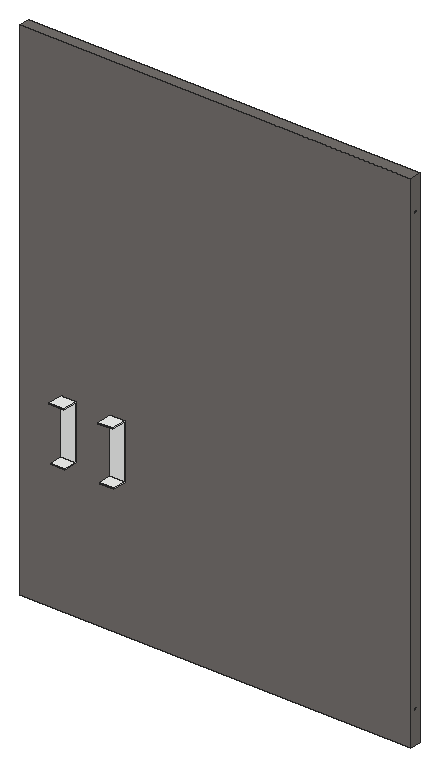
Revit family "Screens-Teknion-JNSESL_Solid_Elevated_Leg_Mounted-R2018", category Furniture, Revit 2018
Family settings
  OmniClass Number = 23.40.20.00
  OmniClass Title = General Furniture and Specialties
  Work Plane-Based = No
  Always vertical = Yes
  Cut with Voids When Loaded = No
  Shared = Yes
  Room Calculation Point = No
Parameters (values of type "Right Configuration")
  Note for Width Extension for Corner Application [instance] = "One Side Width Extension for Corner Application is not available for Double-Sided Leg Overlay configuration."  # constant formula
  Standard Width [instance] = not(One Side Width Extension for Corner Application)  # yes
  Screen Finish [instance] = Source Laminate - Teknion - 2C - Urban Walnut
  Right Width Extension Value [instance] = if(and(One Side Width Extension for Corner Application, Left Configuration), 1.016", 0.000")  # 0.000"
  Width [instance] = 36.000"
  Warranty = "http://www.teknion.com/ca/papers/legal-canada"
  Unit Weight URL = "http://www.teknion.com/ca/tools/assets#&asset=bee6a381-b954-425e-8283-5a2de3a804f2,f828d448-4b62-4231-9e5f-9a8991c0ed77"
  URL = "www.teknion.com"
  To render please download texture images found here [instance] = "https://assets.teknion.com/web/5e81352c1dfdb467/revit-material-swatches/"
  Sustainability Data = "https://www.teknion.com/ca/tools/assets#&topic=216f99a5-57a0-44fc-b10a-9dee9b29ae4c&asset=444deb64-fe58-4b68-981e-f75e97781df7,b4ff2d81-9f2e-437d-9659-7cffb09c31cf"
  Series = "Expansion Cityline"  # constant formula
  Right Configuration = yes
  Product Page URL = "https://www.teknion.com/ca/products/product-details?productlineid=9ad2a26e-8e7a-673b-a6c8-ff05004460c4"
  Product Line = "Expansion Cityline"  # constant formula
  Product Documentation Link = "https://www.teknion.com/pricing/expansion-cityline/pdfs/JNSesl_ppg.pdf"
  Part Number = "JNSESL"  # constant formula
  One Side Width Extension for Corner Application [instance] = no
  Model = "JNSESLR10_____S_"
  Manufacturer Phone = "416-661-3370"  # constant formula
  Manufacturer Fax = "416.661.4586"  # constant formula
  Manufacturer Contact Information = "http://www.teknion.com/ca/contactus"
  Manufacturer Address = "1150 Flint Road, Toronto, ON. M3J 2J5. Canada"  # constant formula
  Manufacturer = "Teknion"  # constant formula
  Left Width Extension Value [instance] = if(and(One Side Width Extension for Corner Application, Right Configuration), 1.016", 0.000")  # 0.000"
  Left Configuration = no
  Bracket Finish [instance] = Paint - Teknion - Mica - Very White
  Alignment Hole Depth [instance] = if(Has Alignment Holes, 4.319", 0.500")  # 4.319"
  Inner Right Bracket [instance] = or(Right Configuration, [Double-Sided Leg Overlay])  # yes
  Inner Left Bracket [instance] = or(Left Configuration, [Double-Sided Leg Overlay])  # no
  How To Use Teknion Materials User Guide [instance] = "https://assets.teknion.com/m/205dd0a49fa58060/original/How-to-add-a-Material-Library-and-Texture-Images-to-your-Revit-project.pdf"
  Height [instance] = 57.000"
  Has Alignment Holes [instance] = yes
  For Additional Finishes please visit [instance] = "https://assets.teknion.com/m/44a8009b046e5d47/original/Teknion_Materials_Library.zip"
  Double-Sided Leg Overlay = no
  Description = "Solid Elevated Screen – Leg-Mounted, Right Configuration, 10\" from Floor Modesty Base Height, Standard Corner Detail"
  Available Widths [instance] = if([Double-Sided Leg Overlay], "36, 48, 54, 60, 66, and 72 inches.", "18, 24, 30, 36, 48, 54, 60, 66, and 72 inches.")  # "18, 24, 30, 36, 48, 54, 60, 66, and 72 inches."
  Available Heights [instance] = "31, 42, 51, and 57 inches."  # constant formula
  Assembly Code = "E2020200"
Types (4): name | Right Configuration | Model | Left Configuration | Inner Right Bracket | Inner Left Bracket | Double-Sided Leg Overlay | Description | Available Widths
  (no name) | yes | "JNSESLR10_____S_" | no | yes | no | no | "Solid Elevated Screen – Leg-Mounted, Right Configuration, 10\" from Floor Modesty Base Height, Standard Corner Detail" | "18, 24, 30, 36, 48, 54, 60, 66, and 72 inches."
  Left Configuration | no | "JNSESLL10_____S_" | yes | no | yes | no | "Solid Elevated Screen – Leg-Mounted, Left Configuration, 10\" from Floor Modesty Base Height, Standard Corner Detail" | "18, 24, 30, 36, 48, 54, 60, 66, and 72 inches."
  Right Configuration | yes | "JNSESLR10_____S_" | no | yes | no | no | "Solid Elevated Screen – Leg-Mounted, Right Configuration, 10\" from Floor Modesty Base Height, Standard Corner Detail" | "18, 24, 30, 36, 48, 54, 60, 66, and 72 inches."
  Double-Sided Leg Overlay | no | "JNSESLD10_____S_" | no | yes | yes | yes | "Solid Elevated Screen – Leg-Mounted, Double-Sided Leg Overlay Configuration, 10\" from Floor Modesty Base Height, Standard Corner Detail" | "36, 48, 54, 60, 66, and 72 inches."
Reference planes (in)
  plane 1 "Center Front/Back": y = 0
  plane 2: z = 0
  plane 3 "Center Left/Right": x = 0
  plane 4 "Left": x = -18
  plane 5 "Right": x = 18
  plane 6 "Back": y = 0.50787
  plane 7 "Front": y = -0.50787
  plane 8 "Top": z = 57
  plane 9: x = 18
  plane 10: x = -18
  plane 11: x = -21
  plane 12: x = 21
Forms (in)
  Sweep 1, solid, material "Source Laminate - Teknion - 2C - Urban Walnut" <- "Screen Finish"
    path origin (0, 0, 0) x (1, 0, 0) y (0, 0, 1)
      loop
        line (0, 10) -> (0, 57)
    profile origin (0, 0, 33.5) x (-1, 0, 0) y (0, -1, 0)
      loop
        line (18, -0.50787) -> (18, 0.50787) -> (-18, 0.50787) -> (-18, -0.50787) -> (18, -0.50787)
  Sweep 2, solid, material "Paint - Teknion - Mica - Very White" <- "Bracket Finish", visible <- "Inner Right Bracket"
    path origin (0, 0, 0) x (1, 0, 0) y (0, 1, 0)
      loop
        line (-8.33071, -1.17539) -> (-9.66929, -1.17539)
    profile origin (-9, -1.17539, 0) x (0, -1, 0) y (0, 0, 1)
      loop
        line (0.59232, 22.65709) -> (0.59232, 22.73228) -> (-0.59232, 22.73228) -> (-0.59232, 27.69291) -> (0.76949, 27.69291) -> (0.76949, 27.76811) -> (-0.66752, 27.76811) -> (-0.66752, 22.65709) -> (0.59232, 22.65709)
  Sweep 3, solid, material "Paint - Teknion - Mica - Very White" <- "Bracket Finish", visible <- "Right Configuration"
    path origin (-4.5, 0, 0) x (1, 0, 0) y (0, 1, 0)
      loop
        line (-8.33071, -1.17539) -> (-9.66929, -1.17539)
    profile origin (-13.5, -1.17539, 0) x (0, -1, 0) y (0, 0, 1)
      loop
        line (0.59232, 22.65709) -> (0.59232, 22.73228) -> (-0.59232, 22.73228) -> (-0.59232, 27.69291) -> (0.76949, 27.69291) -> (0.76949, 27.76811) -> (-0.66752, 27.76811) -> (-0.66752, 22.65709) -> (0.59232, 22.65709)
  Sweep 4, void
    path origin (0, 0, 0) x (1, 0, 0) y (0, 1, 0)
      loop
        line (-21, 0) -> (-16.681, 0)
    profile origin (-18.8405, 0, 0) x (0, 1, 0) y (0, 0, 1)
      loop
        circle (0, 12.99982) r 0.15832
      loop
        circle (0, 53.99981) r 0.15832
  Sweep 5, void
    path origin (0, 0, 0) x (1, 0, 0) y (0, 1, 0)
      loop
        line (21, 0) -> (16.681, 0)
    profile origin (18.8405, 0, 0) x (0, -1, 0) y (0, 0, 1)
      loop
        circle (0, 53.99981) r 0.15832
      loop
        circle (0, 12.99982) r 0.15832
  Sweep 6, solid, material "Paint - Teknion - Mica - Very White" <- "Bracket Finish", visible <- "Left Configuration"
    path origin (22.5, 0, 0) x (1, 0, 0) y (0, 1, 0)
      loop
        line (-8.33071, -1.17539) -> (-9.66929, -1.17539)
    profile origin (13.5, -1.17539, 0) x (0, -1, 0) y (0, 0, 1)
      loop
        line (0.59232, 22.65709) -> (0.59232, 22.73228) -> (-0.59232, 22.73228) -> (-0.59232, 27.69291) -> (0.76949, 27.69291) -> (0.76949, 27.76811) -> (-0.66752, 27.76811) -> (-0.66752, 22.65709) -> (0.59232, 22.65709)
  Sweep 7, solid, material "Paint - Teknion - Mica - Very White" <- "Bracket Finish", visible <- "Inner Left Bracket"
    path origin (18, 0, 0) x (1, 0, 0) y (0, 1, 0)
      loop
        line (-8.33071, -1.17539) -> (-9.66929, -1.17539)
    profile origin (9, -1.17539, 0) x (0, -1, 0) y (0, 0, 1)
      loop
        line (0.59232, 22.65709) -> (0.59232, 22.73228) -> (-0.59232, 22.73228) -> (-0.59232, 27.69291) -> (0.76949, 27.69291) -> (0.76949, 27.76811) -> (-0.66752, 27.76811) -> (-0.66752, 22.65709) -> (0.59232, 22.65709)
Cuts and joins
  Sweep 4, Sweep 5 cuts Sweep 1
Lines and regions (in)
  Masking region 1
    outline origin (0, 0, 0) x (1, 0, 0) y (0, 1, 0)
      loop
        line (-18, 0.50787) -> (-18, -0.50787) -> (18, -0.50787) -> (18, 0.50787) -> (-18, 0.50787)
  Masking region 2, visible <- "Right Configuration"
    outline origin (0, 0, 0) x (1, 0, 0) y (0, 1, 0)
      loop
        line (-14.16929, -0.50787) -> (-14.16929, -1.94488) -> (-12.83071, -1.94488) -> (-12.83071, -0.50787) -> (-14.16929, -0.50787)
  Masking region 3, visible <- "Inner Right Bracket"
    outline origin (0, 0, 0) x (1, 0, 0) y (0, 1, 0)
      loop
        line (-9.66929, -0.50787) -> (-9.66929, -1.94488) -> (-8.33071, -1.94488) -> (-8.33071, -0.50787) -> (-9.66929, -0.50787)
  Masking region 4, visible <- "Inner Left Bracket"
    outline origin (0, 0, 0) x (1, 0, 0) y (0, 1, 0)
      loop
        line (9.66929, -1.94488) -> (9.66929, -0.50787) -> (8.33071, -0.50787) -> (8.33071, -1.94488) -> (9.66929, -1.94488)
  Masking region 5, visible <- "Left Configuration"
    outline origin (0, 0, 0) x (1, 0, 0) y (0, 1, 0)
      loop
        line (12.83071, -0.50787) -> (12.83071, -1.94488) -> (14.16929, -1.94488) -> (14.16929, -0.50787) -> (12.83071, -0.50787)
  symbolic lines, style "FurnitureHiddenLines", visible <- "Has Alignment Holes", detail levels fine
    curve 1: line (-18, 0.15832, 0) -> (-16.681, 0.15832, 0)
    curve 2: line (-16.681, 0.15832, 0) -> (-16.681, -0.15832, 0)
    curve 3: line (-16.681, -0.15832, 0) -> (-18, -0.15832, 0)
    curve 4: line (18, 0.15832, 0) -> (16.681, 0.15832, 0)
    curve 5: line (16.681, 0.15832, 0) -> (16.681, -0.15832, 0)
    curve 6: line (16.681, -0.15832, 0) -> (18, -0.15832, 0)
  symbolic lines, style "FurnitureHiddenLines", visible <- "Right Configuration", detail levels fine
    curve 7: line (-14.16929, -1.76772, 0) -> (-12.83071, -1.76772, 0)
    curve 8: line (-14.16929, -0.58307, 0) -> (-12.83071, -0.58307, 0)
  symbolic lines, style "FurnitureHiddenLines", visible <- "Inner Right Bracket", detail levels fine
    curve 9: line (-9.66929, -0.58307, 0) -> (-8.33071, -0.58307, 0)
    curve 10: line (-9.66929, -1.76772, 0) -> (-8.33071, -1.76772, 0)
  symbolic lines, style "FurnitureHiddenLines", visible <- "Inner Left Bracket", detail levels fine
    curve 11: line (8.33071, -0.58307, 0) -> (9.66929, -0.58307, 0)
    curve 12: line (8.33071, -1.76772, 0) -> (9.66929, -1.76772, 0)
  symbolic lines, style "FurnitureHiddenLines", visible <- "Left Configuration", detail levels fine
    curve 13: line (12.83071, -0.58307, 0) -> (14.16929, -0.58307, 0)
    curve 14: line (12.83071, -1.76772, 0) -> (14.16929, -1.76772, 0)
Dimensions and locks (in)
  "Width": plane 4 "Left" to plane 5 "Right"
  plane 6 "Back" to plane 1 "Center Front/Back" to plane 7 "Front" = 0.50787" locked, 0.50787" locked
  "Height": plane 8 "Top" to level
  "Right Width Extension Value": plane 5 "Right" to plane 9
  "Left Width Extension Value": plane 10 to plane 4 "Left"
  locked: Sweep 1 sketch curve to level at 10
  plane 4 "Left" to Sweep 3 sketch curve to Sweep 3 sketch curve = 3.83071" locked, 1.33858" locked
  locked: plane 1 "Center Front/Back" to Sweep 3 sketch curve at 1.17539
  plane 4 "Left" to Sweep 2 sketch curve to Sweep 2 sketch curve = 8.33071" locked, 1.33858" locked
  locked: plane 1 "Center Front/Back" to Sweep 2 sketch curve at 1.17539
  "Alignment Hole Depth": plane 11 to Sweep 4 sketch curve
  locked: plane 8 "Top" to Sweep 4 sketch curve at 3.00019
  locked: plane 1 "Center Front/Back" to Sweep 4 sketch curve at 0  (x2)
  locked: Sweep 4 sketch curve to level at 12.99982
  "Alignment Hole Depth": Sweep 5 sketch curve to plane 12
  locked: Sweep 5 sketch curve to plane 2 at 12.99982
  locked: plane 1 "Center Front/Back" to Sweep 5 sketch curve at 0
  locked: plane 8 "Top" to Sweep 5 sketch curve at 3.00019
  locked: plane 1 "Center Front/Back" to Sweep 5 sketch curve
  Sweep 6 sketch curve to Sweep 6 sketch curve to plane 9 = 1.33858" locked, 3.83071" locked
  Sweep 7 sketch curve to Sweep 7 sketch curve to plane 9 = 1.33858" locked, 8.33071" locked
  locked: plane 1 "Center Front/Back" to Sweep 6 sketch curve at 1.17539
  locked: Sweep 7 sketch curve to plane 1 "Center Front/Back" at 1.17539
  equal spacing: plane 10, plane 3 "Center Left/Right", plane 9
  locked: plane 11 to plane 10 at 3
  locked: plane 9 to plane 12 at 3
  curve 3 to plane 1 "Center Front/Back" to curve 1 = 0.15832" locked, 0.15832" locked
  locked: plane 10 to curve 2 at 1.319
  curve 6 to plane 1 "Center Front/Back" to curve 4 = 0.15832" locked, 0.15832" locked
  locked: curve 5 to plane 9 at 1.319
  aligned and locked: level to plane 2
  aligned and locked: plane 8 "Top" to Sweep 1 sketch curve
  aligned and locked: plane 3 "Center Left/Right" to Sweep 1 sketch curve
  aligned and locked: Sweep 1 sketch curve to plane 6 "Back"
  aligned and locked: plane 10 to Sweep 1 sketch curve
  aligned and locked: Sweep 1 sketch curve to plane 7 "Front"
  aligned and locked: plane 9 to Sweep 1 sketch curve
  aligned and locked: Sweep 5 sketch curve to plane 1 "Center Front/Back"
  aligned and locked: plane 11 to Sweep 4 sketch curve
  aligned and locked: plane 12 to Sweep 5 sketch curve
  aligned and locked: Masking region 1 sketch curve to plane 10
  aligned and locked: Masking region 1 sketch curve to plane 6 "Back"
  aligned and locked: plane 7 "Front" to Masking region 1 sketch curve
  aligned and locked: Masking region 1 sketch curve to plane 9
  aligned and locked: Masking region 2 sketch curve to Sweep 3  (x4)
  aligned and locked: Masking region 3 sketch curve to Sweep 2  (x4)
  aligned and locked: Masking region 4 sketch curve to Sweep 7  (x4)
  aligned and locked: Masking region 5 sketch curve to Sweep 6  (x4)
  aligned and locked: curve 7 to Sweep 3
  aligned and locked: curve 8 to Sweep 3
  aligned and locked: curve 9 to Sweep 2
  aligned and locked: curve 10 to Sweep 2
  aligned and locked: curve 11 to Sweep 7
  aligned and locked: curve 12 to Sweep 7
  aligned and locked: curve 13 to Sweep 6
  aligned and locked: curve 14 to Sweep 6
  aligned and locked: Sweep 7 to curve 11  (x2)
  aligned and locked: Sweep 7 to curve 12  (x2)
  aligned and locked: Sweep 6 to curve 14  (x2)
  aligned and locked: Sweep 6 to curve 13  (x2)
  aligned and locked: Sweep 3 to curve 7  (x2)
  aligned and locked: Sweep 3 to curve 8  (x2)
  aligned and locked: Sweep 2 to curve 9  (x2)
  aligned and locked: Sweep 2 to curve 10  (x2)
  aligned and locked: plane 10 to curve 1
  aligned and locked: plane 10 to curve 3
  aligned and locked: plane 9 to curve 4
  aligned and locked: plane 9 to curve 6
Automatic sketch dimensions
  profile plane to Sweep 2 sketch curve = 0.66752"
  Sweep 2 sketch curve to Sweep 2 sketch curve = 0.0752"  (x3)
  Sweep 2 sketch curve to profile plane = 0.59232"
  Sweep 2 sketch curve to profile plane = 0.76949"
  level to Sweep 2 sketch curve = 22.65709"
  Sweep 2 sketch curve to Sweep 2 sketch curve = 4.96063"
  profile plane to Sweep 3 sketch curve = 0.66752"
  Sweep 3 sketch curve to Sweep 3 sketch curve = 0.0752"  (x3)
  Sweep 3 sketch curve to profile plane = 0.59232"
  Sweep 3 sketch curve to profile plane = 0.76949"
  level to Sweep 3 sketch curve = 22.65709"
  Sweep 3 sketch curve to Sweep 3 sketch curve = 4.96063"
  profile plane to Sweep 6 sketch curve = 0.66752"
  Sweep 6 sketch curve to Sweep 6 sketch curve = 0.0752"  (x3)
  Sweep 6 sketch curve to profile plane = 0.59232"
  Sweep 6 sketch curve to profile plane = 0.76949"
  level to Sweep 6 sketch curve = 22.65709"
  Sweep 6 sketch curve to Sweep 6 sketch curve = 4.96063"
  profile plane to Sweep 7 sketch curve = 0.66752"
  Sweep 7 sketch curve to Sweep 7 sketch curve = 0.0752"  (x3)
  Sweep 7 sketch curve to profile plane = 0.59232"
  Sweep 7 sketch curve to profile plane = 0.76949"
  level to Sweep 7 sketch curve = 22.65709"
  Sweep 7 sketch curve to Sweep 7 sketch curve = 4.96063"
  plane 1 "Center Front/Back" to Sweep 4 sketch curve = 0.000"
  radius of Sweep 4 sketch curve = 0.15832"  (x2)
  radius of Sweep 5 sketch curve = 0.15832"  (x2)
